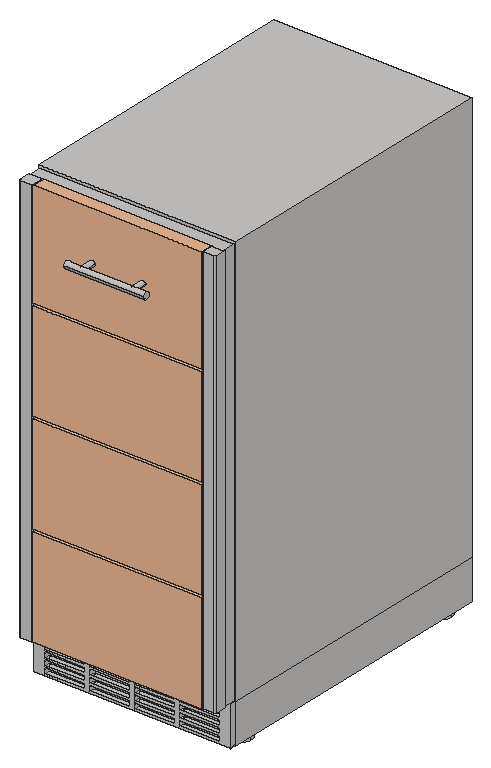
Revit family "Outdoor-Kitchen-Equipment_Kalamazoo_Beverage-Centers_Arcadia", category Specialty Equipment, Revit 2018
Family settings
  Round Connector Dimension = Use Diameter
  Part Type = Normal
  OmniClass Number = 23.40.40.11.24
  OmniClass Title = Cold Cabinets
  Work Plane-Based = No
  Always vertical = Yes
  Cut with Voids When Loaded = No
  Shared = No
  Room Calculation Point = No
Parameters (values of type "K-HP15BO-2KD")
  Ι_Bth_Nt_FT60 [instance] = Width > 15"  # no
  Ι_Bth_FT60 [instance] = Width < 15"  # yes
  Width = 14 7/8"
  Weight (lb) = 200.00 lbf
  Voltage = 120 V
  URL = "https://kalamazoogourmet.com/products/arcadia-15-inch-outdoor-beverage-center/"
  Total Cooling Capacity = 1985.0 Btu/h
  Right Hinge [instance] = not(Left Hinge)  # no
  Product data url = "https://www.bimobject.com/kalamazoogourmet/product/arcadia-beverage-center"
  Product Material = Kalamazoo - Stainless Steel - 304 OR 316L
  Power Factor = 0.8
  Panel Finish [instance] = Kalamazoo - Ipe Wood
  Number of Poles = 3
  Model = "K-HP15BO-2KD"
  Manufacturer = "Kalamazoo Outdoor Gourmet"  # constant formula
  Left Hinge [instance] = yes
  Keynote = "11400"
  Height = 34 3/8"  # constant formula
  Frequency = 60 Hz
  Description = "Arcadia 15-inch Outdoor Beverage Center"
  Depth = 24"  # constant formula
  Current = 2.3 A
  Assembly Code = "E1090300"
  Apparent Load = Voltage * Current / Number of Poles * Power Factor  # 73.6 VA
Types (3): name | Ι_Bth_Nt_FT60 | Ι_Bth_FT60 | Width | Weight (lb) | URL | Model | Description
  (no name) | no | yes | 14 7/8" | 200.00 lbf | "https://kalamazoogourmet.com/products/arcadia-15-inch-outdoor-beverage-center/" | "K-HP15BO-2KD" | "Arcadia 15-inch Outdoor Beverage Center"
  K-HP15BO-2KD | no | yes | 14 7/8" | 200.00 lbf | "https://kalamazoogourmet.com/products/arcadia-15-inch-outdoor-beverage-center/" | "K-HP15BO-2KD" | "Arcadia 15-inch Outdoor Beverage Center"
  K-HP24BO-2KD | yes | no | 23 7/8" | 215.00 lbf | "https://kalamazoogourmet.com/products/arcadia-24-inch-outdoor-beverage-center/" | "K-HP24BO-2KD" | "Arcadia 24-inch Outdoor Beverage Center"
Reference planes (in)
  plane 1: y = 0
  plane 2: z = 0
  plane 3 "Center (Left/Right)": x = 0
  plane 4: z = 3.375
  plane 5: z = 34.375
  plane 6: z = 34.175
  plane 7: z = 0.375
  plane 8: x = -7.4375
  plane 9: x = 7.4375
  plane 10: x = -6.365
  plane 11: x = 6.365
  plane 12: z = 36.93359
  plane 13: y = 2.5938
  plane 14 "Center (Front/Back)": y = 11.0125
  plane 15: z = 36.375
  plane 16: y = -12.9875
Forms (in)
  Extrusion 1, solid, material "Kalamazoo - Stainless Steel - 304 OR 316L"
    sketch origin (0, 0, 0) x (1, 0, 0) y (0, 1, 0)
      loop
        line (-7.4375, 11.0125) -> (-7.4375, -11.1125) -> (7.4375, -11.1125) -> (7.4375, 11.0125) -> (-7.4375, 11.0125)
    from 0.375 to 3.375
  Extrusion 2, solid, material "Kalamazoo - Stainless Steel - 304 OR 316L"
    sketch origin (0, 0, 0) x (1, 0, 0) y (0, 1, 0)
      loop
        circle (-6.5, 9.42009) r 0.72169
      loop
        circle (-6.5, -9.42009) r 0.72169
      loop
        circle (6.5, 9.42009) r 0.72169
      loop
        circle (6.5, -9.42009) r 0.72169
    from 0 to 0.375
  Extrusion 3, solid, material "Kalamazoo - Stainless Steel - 304 OR 316L"
    sketch origin (0, 0, 0) x (1, 0, 0) y (0, 1, 0)
      loop
        line (7.4375, 11.0125) -> (-7.4375, 11.0125) -> (-7.4375, -11.1125) -> (7.4375, -11.1125) -> (7.4375, 11.0125)
    from 3.375 to 34.375
  Extrusion 4, solid, material "Kalamazoo - Stainless Steel - 304 OR 316L"
    sketch origin (0, 0, 0) x (1, 0, 0) y (0, 1, 0)
      loop
        line (-6.365, -12.0775) -> (-7.365, -12.0775) -> (-7.365, -12.8775)
        arc (-7.365, -12.8775) -> (-7.33278, -12.95528) -> (-7.255, -12.9875) r 0.11
        line (-7.255, -12.9875) -> (-6.475, -12.9875)
        arc (-6.475, -12.9875) -> (-6.39722, -12.95528) -> (-6.365, -12.8775) r 0.11
        line (-6.365, -12.8775) -> (-6.365, -12.0775)
      loop
        line (6.365, -12.0775) -> (6.365, -12.8775)
        arc (6.365, -12.8775) -> (6.39722, -12.95528) -> (6.475, -12.9875) r 0.11
        line (6.475, -12.9875) -> (7.255, -12.9875)
        arc (7.255, -12.9875) -> (7.33278, -12.95528) -> (7.365, -12.8775) r 0.11
        line (7.365, -12.8775) -> (7.365, -12.0775) -> (6.365, -12.0775)
    from 3.375 to 34.175
  Extrusion 5, solid, material "Kalamazoo - Ipe Wood" <- "Panel Finish"
    sketch origin (0, 0, 0) x (1, 0, 0) y (0, 0, 1)
      loop
        line (-6.365, 26.2375) -> (6.365, 26.2375) -> (6.365, 34.175) -> (-6.365, 34.175) -> (-6.365, 26.2375)
      loop
        line (-6.365, 18.61667) -> (6.365, 18.61667) -> (6.365, 26.05417) -> (-6.365, 26.05417) -> (-6.365, 18.61667)
      loop
        line (-6.365, 10.99583) -> (6.365, 10.99583) -> (6.365, 18.43333) -> (-6.365, 18.43333) -> (-6.365, 10.99583)
      loop
        line (-6.365, 3.375) -> (6.365, 3.375) -> (6.365, 10.8125) -> (-6.365, 10.8125) -> (-6.365, 3.375)
    from 12.0775 to 12.9875
  Extrusion 6, solid, material "Kalamazoo - Stainless Steel - 304 OR 316L"
    sketch origin (0, 0, 0) x (1, 0, 0) y (0, 1, 0)
      loop
        line (-7.2875, -11.1125) -> (-7.2875, -12.0775) -> (7.2875, -12.0775) -> (7.2875, -11.1125) -> (-7.2875, -11.1125)
    from 3.375 to 34.175
  Extrusion 7, solid, material "Kalamazoo - Stainless Steel - 304 OR 316L", detail levels fine
    sketch origin (0, 0, 0) x (0, 1, 0) y (0, 0, 1)
      loop
        circle (-14.0025, 30.45625) r 0.24
    from -3 to 3
  Extrusion 8, solid, material "Kalamazoo - Stainless Steel - 304 OR 316L", detail levels fine
    sketch origin (0, 0, 0) x (1, 0, 0) y (0, 0, 1)
      loop
        circle (-1.91437, 30.45651) r 0.19943
      loop
        circle (1.91437, 30.45651) r 0.19943
    from 12.9875 to 14.04062
  Sweep 9, solid, material "Kalamazoo - Stainless Steel - 304 OR 316L", visible <- "Ι_Bth_Nt_FT60", detail levels fine
    path origin (-0.03374, 10.6225, 0.12966) x (0, 1, 0) y (0, 0, 1)
      loop
        line (-21.735, 1.8125) -> (-22.145, 1.8125)
    profile origin (-0.03374, -11.3175, 1.94216) x (0, 0, -1) y (1, 0, 0)
      loop
        line (-1.43284, 11.90179) -> (-1.43284, 0.37517) -> (-1.43284, -11.90179) -> (1.52553, -11.90179)
        arc (1.52553, -11.90179) -> (1.55536, -11.88476) -> (1.56716, -11.8525) r 0.05
        line (1.56716, -11.8525) -> (1.56716, 0) -> (1.56716, 11.8525)
        arc (1.56716, 11.8525) -> (1.55536, 11.88476) -> (1.52553, 11.90179) r 0.05
        line (1.52553, 11.90179) -> (-1.43284, 11.90179)
      loop
        line (-1.30263, -8.03166) -> (-1.30263, -10.84308)
        arc (-1.30263, -10.84308) -> (-1.27524, -10.90983) -> (-1.20862, -10.93751) r 0.09401
        line (-1.20862, -10.93751) -> (-0.88239, -10.93751) -> (-0.88239, -7.9376) -> (-1.20846, -7.9376)
        arc (-1.20846, -7.9376) -> (-1.27504, -7.96511) -> (-1.30263, -8.03166) r 0.09406
      loop
        line (-0.76262, -8.03158) -> (-0.76262, -10.84329)
        arc (-0.76262, -10.84329) -> (-0.73516, -10.9099) -> (-0.66861, -10.9375) r 0.09401
        line (-0.66861, -10.9375) -> (-0.3424, -10.9375) -> (-0.3424, -7.93755) -> (-0.66873, -7.93755)
        arc (-0.66873, -7.93755) -> (-0.73513, -7.96514) -> (-0.76262, -8.03158) r 0.09403
      loop
        line (-0.22261, -8.0315) -> (-0.22261, -10.8435)
        arc (-0.22261, -10.8435) -> (-0.19507, -10.90997) -> (-0.12861, -10.9375) r 0.094
        line (-0.12861, -10.9375) -> (0.19761, -10.9375) -> (0.19761, -7.9375) -> (-0.12874, -7.9375)
        arc (-0.12874, -7.9375) -> (-0.19512, -7.96508) -> (-0.22261, -8.0315) r 0.094
      loop
        line (0.31739, -8.0315) -> (0.31739, -10.8435)
        arc (0.31739, -10.8435) -> (0.34493, -10.90997) -> (0.41139, -10.9375) r 0.094
        line (0.41139, -10.9375) -> (0.73761, -10.9375) -> (0.73761, -7.9375) -> (0.41153, -7.9375)
        arc (0.41153, -7.9375) -> (0.34497, -7.96499) -> (0.31739, -8.0315) r 0.094
      loop
        line (0.85738, -8.03162) -> (0.85738, -10.84319)
        arc (0.85738, -10.84319) -> (0.8848, -10.90986) -> (0.95139, -10.93751) r 0.09401
        line (0.95139, -10.93751) -> (1.27761, -10.93751) -> (1.27761, -7.93757) -> (0.95127, -7.93757)
        arc (0.95127, -7.93757) -> (0.88487, -7.96517) -> (0.85738, -8.03162) r 0.09404
      loop
        line (-1.30263, -4.65666) -> (-1.30263, -7.46891)
        arc (-1.30263, -7.46891) -> (-1.27495, -7.53512) -> (-1.20862, -7.56251) r 0.09401
        line (-1.20862, -7.56251) -> (-0.88239, -7.56251) -> (-0.88239, -4.5626) -> (-1.20857, -4.5626)
        arc (-1.20857, -4.5626) -> (-1.27508, -4.59015) -> (-1.30263, -4.65666) r 0.09406
      loop
        line (-0.76262, -4.65658) -> (-0.76262, -7.4687)
        arc (-0.76262, -7.4687) -> (-0.73501, -7.53504) -> (-0.66861, -7.5625) r 0.09401
        line (-0.66861, -7.5625) -> (-0.3424, -7.5625) -> (-0.3424, -4.56255) -> (-0.66865, -4.56255)
        arc (-0.66865, -4.56255) -> (-0.7351, -4.59011) -> (-0.76262, -4.65658) r 0.09403
      loop
        line (-0.22261, -4.6565) -> (-0.22261, -7.4685)
        arc (-0.22261, -7.4685) -> (-0.19507, -7.53497) -> (-0.12861, -7.5625) r 0.094
        line (-0.12861, -7.5625) -> (0.19761, -7.5625) -> (0.19761, -4.5625) -> (-0.12866, -4.5625)
        arc (-0.12866, -4.5625) -> (-0.19509, -4.59005) -> (-0.22261, -4.6565) r 0.094
      loop
        line (0.31739, -4.6565) -> (0.31739, -7.4685)
        arc (0.31739, -7.4685) -> (0.34493, -7.53497) -> (0.41139, -7.5625) r 0.094
        line (0.41139, -7.5625) -> (0.73761, -7.5625) -> (0.73761, -4.5625) -> (0.41144, -4.5625)
        arc (0.41144, -4.5625) -> (0.34494, -4.59001) -> (0.31739, -4.6565) r 0.094
      loop
        line (0.85738, -4.65662) -> (0.85738, -7.4688)
        arc (0.85738, -7.4688) -> (0.88502, -7.53508) -> (0.95139, -7.56251) r 0.09401
        line (0.95139, -7.56251) -> (1.27761, -7.56251) -> (1.27761, -4.56257) -> (0.95136, -4.56257)
        arc (0.95136, -4.56257) -> (0.8849, -4.59014) -> (0.85738, -4.65662) r 0.09404
      loop
        line (-1.30262, -1.28166) -> (-1.30262, -4.09391)
        arc (-1.30262, -4.09391) -> (-1.27493, -4.16012) -> (-1.20859, -4.18752) r 0.09403
        line (-1.20859, -4.18752) -> (-0.88239, -4.18752) -> (-0.88239, -1.18761) -> (-1.20857, -1.18761)
        arc (-1.20857, -1.18761) -> (-1.27507, -1.21515) -> (-1.30262, -1.28166) r 0.09405
      loop
        line (-0.76261, -1.28158) -> (-0.76261, -4.0937)
        arc (-0.76261, -4.0937) -> (-0.73499, -4.16005) -> (-0.66859, -4.18751) r 0.09402
        line (-0.66859, -4.18751) -> (-0.3424, -4.18751) -> (-0.3424, -1.18755) -> (-0.66858, -1.18755)
        arc (-0.66858, -1.18755) -> (-0.73507, -1.21509) -> (-0.76261, -1.28158) r 0.09402
      loop
        line (-0.22259, -1.2815) -> (-0.22259, -4.09349)
        arc (-0.22259, -4.09349) -> (-0.19506, -4.15997) -> (-0.12858, -4.18751) r 0.09401
        line (-0.12858, -4.18751) -> (0.19761, -4.18751) -> (0.19761, -1.1875) -> (-0.1286, -1.1875)
        arc (-0.1286, -1.1875) -> (-0.19506, -1.21503) -> (-0.22259, -1.2815) r 0.09399
      loop
        line (0.31741, -1.2815) -> (0.31741, -4.09349)
        arc (0.31741, -4.09349) -> (0.34494, -4.15997) -> (0.41142, -4.18751) r 0.09401
        line (0.41142, -4.18751) -> (0.73761, -4.18751) -> (0.73761, -1.1875) -> (0.4114, -1.1875)
        arc (0.4114, -1.1875) -> (0.34494, -1.21503) -> (0.31741, -1.2815) r 0.09399
      loop
        line (0.85739, -1.28161) -> (0.85739, -4.0938)
        arc (0.85739, -4.0938) -> (0.88504, -4.16009) -> (0.95141, -4.18751) r 0.09402
        line (0.95141, -4.18751) -> (1.27761, -4.18751) -> (1.27761, -1.18758) -> (0.95142, -1.18758)
        arc (0.95142, -1.18758) -> (0.88493, -1.21512) -> (0.85739, -1.28161) r 0.09404
      loop
        arc (-1.30263, 8.03166) -> (-1.27504, 7.96511) -> (-1.20846, 7.9376) r 0.09406
        line (-1.20846, 7.9376) -> (-0.88239, 7.9376) -> (-0.88239, 10.93751) -> (-1.20862, 10.93751)
        arc (-1.20862, 10.93751) -> (-1.27524, 10.90983) -> (-1.30263, 10.84308) r 0.09401
        line (-1.30263, 10.84308) -> (-1.30263, 8.03166)
      loop
        arc (-0.76262, 8.03158) -> (-0.73513, 7.96514) -> (-0.66873, 7.93755) r 0.09403
        line (-0.66873, 7.93755) -> (-0.3424, 7.93755) -> (-0.3424, 10.9375) -> (-0.66861, 10.9375)
        arc (-0.66861, 10.9375) -> (-0.73516, 10.9099) -> (-0.76262, 10.84329) r 0.09401
        line (-0.76262, 10.84329) -> (-0.76262, 8.03158)
      loop
        arc (-0.22261, 8.0315) -> (-0.19512, 7.96508) -> (-0.12874, 7.9375) r 0.094
        line (-0.12874, 7.9375) -> (0.19761, 7.9375) -> (0.19761, 10.9375) -> (-0.12861, 10.9375)
        arc (-0.12861, 10.9375) -> (-0.19507, 10.90997) -> (-0.22261, 10.8435) r 0.094
        line (-0.22261, 10.8435) -> (-0.22261, 8.0315)
      loop
        arc (0.31739, 8.0315) -> (0.34497, 7.96499) -> (0.41153, 7.9375) r 0.094
        line (0.41153, 7.9375) -> (0.73761, 7.9375) -> (0.73761, 10.9375) -> (0.41139, 10.9375)
        arc (0.41139, 10.9375) -> (0.34493, 10.90997) -> (0.31739, 10.8435) r 0.094
        line (0.31739, 10.8435) -> (0.31739, 8.0315)
      loop
        arc (0.85738, 8.03162) -> (0.88487, 7.96517) -> (0.95127, 7.93757) r 0.09404
        line (0.95127, 7.93757) -> (1.27761, 7.93757) -> (1.27761, 10.93751) -> (0.95139, 10.93751)
        arc (0.95139, 10.93751) -> (0.8848, 10.90986) -> (0.85738, 10.84319) r 0.09401
        line (0.85738, 10.84319) -> (0.85738, 8.03162)
      loop
        arc (-1.30263, 4.65666) -> (-1.27508, 4.59015) -> (-1.20857, 4.5626) r 0.09406
        line (-1.20857, 4.5626) -> (-0.88239, 4.5626) -> (-0.88239, 7.56251) -> (-1.20862, 7.56251)
        arc (-1.20862, 7.56251) -> (-1.27495, 7.53512) -> (-1.30263, 7.46891) r 0.09401
        line (-1.30263, 7.46891) -> (-1.30263, 4.65666)
      loop
        arc (-0.76262, 4.65658) -> (-0.7351, 4.59011) -> (-0.66865, 4.56255) r 0.09403
        line (-0.66865, 4.56255) -> (-0.3424, 4.56255) -> (-0.3424, 7.5625) -> (-0.66861, 7.5625)
        arc (-0.66861, 7.5625) -> (-0.73501, 7.53504) -> (-0.76262, 7.4687) r 0.09401
        line (-0.76262, 7.4687) -> (-0.76262, 4.65658)
      loop
        arc (-0.22261, 4.6565) -> (-0.19509, 4.59005) -> (-0.12866, 4.5625) r 0.094
        line (-0.12866, 4.5625) -> (0.19761, 4.5625) -> (0.19761, 7.5625) -> (-0.12861, 7.5625)
        arc (-0.12861, 7.5625) -> (-0.19507, 7.53497) -> (-0.22261, 7.4685) r 0.094
        line (-0.22261, 7.4685) -> (-0.22261, 4.6565)
      loop
        arc (0.31739, 4.6565) -> (0.34494, 4.59001) -> (0.41144, 4.5625) r 0.094
        line (0.41144, 4.5625) -> (0.73761, 4.5625) -> (0.73761, 7.5625) -> (0.41139, 7.5625)
        arc (0.41139, 7.5625) -> (0.34493, 7.53497) -> (0.31739, 7.4685) r 0.094
        line (0.31739, 7.4685) -> (0.31739, 4.6565)
      loop
        arc (0.85738, 4.65662) -> (0.8849, 4.59014) -> (0.95136, 4.56257) r 0.09404
        line (0.95136, 4.56257) -> (1.27761, 4.56257) -> (1.27761, 7.56251) -> (0.95139, 7.56251)
        arc (0.95139, 7.56251) -> (0.88502, 7.53508) -> (0.85738, 7.4688) r 0.09401
        line (0.85738, 7.4688) -> (0.85738, 4.65662)
      loop
        arc (-1.30262, 1.28166) -> (-1.27507, 1.21515) -> (-1.20857, 1.18761) r 0.09405
        line (-1.20857, 1.18761) -> (-0.88239, 1.18761) -> (-0.88239, 4.18752) -> (-1.20859, 4.18752)
        arc (-1.20859, 4.18752) -> (-1.27493, 4.16012) -> (-1.30262, 4.09391) r 0.09403
        line (-1.30262, 4.09391) -> (-1.30262, 1.28166)
      loop
        arc (-0.76261, 1.28158) -> (-0.73507, 1.21509) -> (-0.66858, 1.18755) r 0.09402
        line (-0.66858, 1.18755) -> (-0.3424, 1.18755) -> (-0.3424, 4.18751) -> (-0.66859, 4.18751)
        arc (-0.66859, 4.18751) -> (-0.73499, 4.16005) -> (-0.76261, 4.0937) r 0.09402
        line (-0.76261, 4.0937) -> (-0.76261, 1.28158)
      loop
        arc (-0.22259, 1.2815) -> (-0.19506, 1.21503) -> (-0.1286, 1.1875) r 0.09399
        line (-0.1286, 1.1875) -> (0.19761, 1.1875) -> (0.19761, 4.18751) -> (-0.12858, 4.18751)
        arc (-0.12858, 4.18751) -> (-0.19506, 4.15997) -> (-0.22259, 4.09349) r 0.09401
        line (-0.22259, 4.09349) -> (-0.22259, 1.2815)
      loop
        arc (0.31741, 1.2815) -> (0.34494, 1.21503) -> (0.4114, 1.1875) r 0.09399
        line (0.4114, 1.1875) -> (0.73761, 1.1875) -> (0.73761, 4.18751) -> (0.41142, 4.18751)
        arc (0.41142, 4.18751) -> (0.34494, 4.15997) -> (0.31741, 4.09349) r 0.09401
        line (0.31741, 4.09349) -> (0.31741, 1.2815)
      loop
        arc (0.85739, 1.28161) -> (0.88493, 1.21512) -> (0.95142, 1.18758) r 0.09404
        line (0.95142, 1.18758) -> (1.27761, 1.18758) -> (1.27761, 4.18751) -> (0.95141, 4.18751)
        arc (0.95141, 4.18751) -> (0.88504, 4.16009) -> (0.85739, 4.0938) r 0.09402
        line (0.85739, 4.0938) -> (0.85739, 1.28161)
  Sweep 10, solid, material "Kalamazoo - Stainless Steel - 304 OR 316L", visible <- "Ι_Bth_FT60", detail levels fine
    path origin (-0.03374, 10.6225, 0.12966) x (0, 1, 0) y (0, 0, 1)
      loop
        line (-21.735, 1.77799) -> (-22.145, 1.77799)
    profile origin (-0.03374, -11.3175, 1.90765) x (0, 0, -1) y (1, 0, 0)
      loop
        line (-1.46735, 7.40179) -> (-1.46735, -0.16486) -> (-1.46735, -7.40179) -> (1.49102, -7.40179)
        arc (1.49102, -7.40179) -> (1.52085, -7.38476) -> (1.53265, -7.3525) r 0.05
        line (1.53265, -7.3525) -> (1.53265, 0) -> (1.53265, 7.3525)
        arc (1.53265, 7.3525) -> (1.52085, 7.38476) -> (1.49102, 7.40179) r 0.05
        line (1.49102, 7.40179) -> (-1.46735, 7.40179)
      loop
        arc (-1.20212, 3.6565) -> (-1.17463, 3.59008) -> (-1.10825, 3.5625) r 0.094
        line (-1.10825, 3.5625) -> (-0.78191, 3.5625) -> (-0.78191, 6.5625) -> (-1.10812, 6.5625)
        arc (-1.10812, 6.5625) -> (-1.17459, 6.53497) -> (-1.20212, 6.4685) r 0.094
        line (-1.20212, 6.4685) -> (-1.20212, 3.6565)
      loop
        arc (-0.66212, 0.2815) -> (-0.63459, 0.21503) -> (-0.56812, 0.1875) r 0.094
        line (-0.56812, 0.1875) -> (-0.24191, 0.1875) -> (-0.24191, 3.1875) -> (-0.56812, 3.1875)
        arc (-0.56812, 3.1875) -> (-0.63459, 3.15997) -> (-0.66212, 3.0935) r 0.094
        line (-0.66212, 3.0935) -> (-0.66212, 0.2815)
      loop
        arc (-0.66212, 3.6565) -> (-0.63463, 3.59008) -> (-0.56825, 3.5625) r 0.094
        line (-0.56825, 3.5625) -> (-0.24191, 3.5625) -> (-0.24191, 6.5625) -> (-0.56812, 6.5625)
        arc (-0.56812, 6.5625) -> (-0.63459, 6.53497) -> (-0.66212, 6.4685) r 0.094
        line (-0.66212, 6.4685) -> (-0.66212, 3.6565)
      loop
        arc (-0.12211, 3.65646) -> (-0.09463, 3.59005) -> (-0.02826, 3.56248) r 0.09399
        line (-0.02826, 3.56248) -> (0.29809, 3.56248) -> (0.29809, 6.5625) -> (-0.02812, 6.5625)
        arc (-0.02812, 6.5625) -> (-0.09455, 6.535) -> (-0.12211, 6.4686) r 0.094
        line (-0.12211, 6.4686) -> (-0.12211, 3.65646)
      loop
        arc (0.41788, 3.6565) -> (0.44546, 3.58998) -> (0.51202, 3.5625) r 0.094
        line (0.51202, 3.5625) -> (0.83809, 3.5625) -> (0.83809, 6.5625) -> (0.51188, 6.5625)
        arc (0.51188, 6.5625) -> (0.44541, 6.53497) -> (0.41788, 6.4685) r 0.094
        line (0.41788, 6.4685) -> (0.41788, 3.6565)
      loop
        arc (0.95788, 3.6565) -> (0.98537, 3.59008) -> (1.05175, 3.5625) r 0.094
        line (1.05175, 3.5625) -> (1.37809, 3.5625) -> (1.37809, 6.5625) -> (1.05188, 6.5625)
        arc (1.05188, 6.5625) -> (0.98541, 6.53497) -> (0.95788, 6.4685) r 0.094
        line (0.95788, 6.4685) -> (0.95788, 3.6565)
      loop
        arc (-0.12211, 0.28146) -> (-0.09458, 0.21501) -> (-0.02813, 0.18748) r 0.09399
        line (-0.02813, 0.18748) -> (0.29809, 0.18748) -> (0.29809, 3.1875) -> (-0.02812, 3.1875)
        arc (-0.02812, 3.1875) -> (-0.09455, 3.16) -> (-0.12211, 3.0936) r 0.094
        line (-0.12211, 3.0936) -> (-0.12211, 0.28146)
      loop
        arc (0.41788, 0.2815) -> (0.44541, 0.21503) -> (0.51188, 0.1875) r 0.094
        line (0.51188, 0.1875) -> (0.83809, 0.1875) -> (0.83809, 3.1875) -> (0.51188, 3.1875)
        arc (0.51188, 3.1875) -> (0.44541, 3.15997) -> (0.41788, 3.0935) r 0.094
        line (0.41788, 3.0935) -> (0.41788, 0.2815)
      loop
        arc (0.95788, 0.2815) -> (0.98541, 0.21503) -> (1.05188, 0.1875) r 0.094
        line (1.05188, 0.1875) -> (1.37809, 0.1875) -> (1.37809, 3.1875) -> (1.05188, 3.1875)
        arc (1.05188, 3.1875) -> (0.98541, 3.15997) -> (0.95788, 3.0935) r 0.094
        line (0.95788, 3.0935) -> (0.95788, 0.2815)
      loop
        line (-1.20212, -3.6565) -> (-1.20212, -6.4685)
        arc (-1.20212, -6.4685) -> (-1.17459, -6.53497) -> (-1.10812, -6.5625) r 0.094
        line (-1.10812, -6.5625) -> (-0.78191, -6.5625) -> (-0.78191, -3.5625) -> (-1.10826, -3.5625)
        arc (-1.10826, -3.5625) -> (-1.17464, -3.59008) -> (-1.20212, -3.6565) r 0.094
      loop
        line (-0.66212, -0.2815) -> (-0.66212, -3.0935)
        arc (-0.66212, -3.0935) -> (-0.63459, -3.15997) -> (-0.56812, -3.1875) r 0.094
        line (-0.56812, -3.1875) -> (-0.24191, -3.1875) -> (-0.24191, -0.1875) -> (-0.56812, -0.1875)
        arc (-0.56812, -0.1875) -> (-0.63459, -0.21503) -> (-0.66212, -0.2815) r 0.094
      loop
        line (-0.66212, -3.6565) -> (-0.66212, -6.4685)
        arc (-0.66212, -6.4685) -> (-0.63459, -6.53497) -> (-0.56812, -6.5625) r 0.094
        line (-0.56812, -6.5625) -> (-0.24191, -6.5625) -> (-0.24191, -3.5625) -> (-0.56826, -3.5625)
        arc (-0.56826, -3.5625) -> (-0.63464, -3.59008) -> (-0.66212, -3.6565) r 0.094
      loop
        line (-0.12211, -3.65646) -> (-0.12211, -6.4686)
        arc (-0.12211, -6.4686) -> (-0.09455, -6.535) -> (-0.02812, -6.5625) r 0.094
        line (-0.02812, -6.5625) -> (0.29809, -6.5625) -> (0.29809, -3.56248) -> (-0.02826, -3.56248)
        arc (-0.02826, -3.56248) -> (-0.09463, -3.59005) -> (-0.12211, -3.65646) r 0.09399
      loop
        line (0.41788, -3.6565) -> (0.41788, -6.4685)
        arc (0.41788, -6.4685) -> (0.44541, -6.53497) -> (0.51188, -6.5625) r 0.094
        line (0.51188, -6.5625) -> (0.83809, -6.5625) -> (0.83809, -3.5625) -> (0.51202, -3.5625)
        arc (0.51202, -3.5625) -> (0.44546, -3.58998) -> (0.41788, -3.6565) r 0.094
      loop
        line (0.95788, -3.6565) -> (0.95788, -6.4685)
        arc (0.95788, -6.4685) -> (0.98541, -6.53497) -> (1.05188, -6.5625) r 0.094
        line (1.05188, -6.5625) -> (1.37809, -6.5625) -> (1.37809, -3.5625) -> (1.05174, -3.5625)
        arc (1.05174, -3.5625) -> (0.98536, -3.59008) -> (0.95788, -3.6565) r 0.094
      loop
        line (-0.12211, -0.28146) -> (-0.12211, -3.0936)
        arc (-0.12211, -3.0936) -> (-0.09455, -3.16) -> (-0.02812, -3.1875) r 0.094
        line (-0.02812, -3.1875) -> (0.29809, -3.1875) -> (0.29809, -0.18748) -> (-0.02813, -0.18748)
        arc (-0.02813, -0.18748) -> (-0.09458, -0.21501) -> (-0.12211, -0.28146) r 0.09399
      loop
        line (0.41788, -0.2815) -> (0.41788, -3.0935)
        arc (0.41788, -3.0935) -> (0.44541, -3.15997) -> (0.51188, -3.1875) r 0.094
        line (0.51188, -3.1875) -> (0.83809, -3.1875) -> (0.83809, -0.1875) -> (0.51188, -0.1875)
        arc (0.51188, -0.1875) -> (0.44541, -0.21503) -> (0.41788, -0.2815) r 0.094
      loop
        line (0.95788, -0.2815) -> (0.95788, -3.0935)
        arc (0.95788, -3.0935) -> (0.98541, -3.15997) -> (1.05188, -3.1875) r 0.094
        line (1.05188, -3.1875) -> (1.37809, -3.1875) -> (1.37809, -0.1875) -> (1.05188, -0.1875)
        arc (1.05188, -0.1875) -> (0.98541, -0.21503) -> (0.95788, -0.2815) r 0.094
  Sweep 11, solid, material "Kalamazoo - Stainless Steel - 304 OR 316L", visible <- "Ι_Bth_Nt_FT60", detail levels coarse+medium
    path origin (-0.03374, 10.6225, 0.12966) x (0, 1, 0) y (0, 0, 1)
      loop
        line (-21.735, 1.8125) -> (-22.145, 1.8125)
    profile origin (-0.03374, -11.3175, 1.94216) x (0, 0, -1) y (1, 0, 0)
      loop
        line (-1.43284, 11.90179) -> (-1.43284, 0.37517) -> (-1.43284, -11.90179) -> (1.52553, -11.90179)
        arc (1.52553, -11.90179) -> (1.55536, -11.88476) -> (1.56716, -11.8525) r 0.05
        line (1.56716, -11.8525) -> (1.56716, 0) -> (1.56716, 11.8525)
        arc (1.56716, 11.8525) -> (1.55536, 11.88476) -> (1.52553, 11.90179) r 0.05
        line (1.52553, 11.90179) -> (-1.43284, 11.90179)
  Sweep 12, solid, material "Kalamazoo - Stainless Steel - 304 OR 316L", visible <- "Ι_Bth_FT60", detail levels coarse+medium
    path origin (-0.03374, 10.6225, 0.12966) x (0, 1, 0) y (0, 0, 1)
      loop
        line (-21.735, 1.77799) -> (-22.145, 1.77799)
    profile origin (-0.03374, -11.3175, 1.90765) x (0, 0, -1) y (1, 0, 0)
      loop
        line (-1.46735, 7.40179) -> (-1.46735, -0.16486) -> (-1.46735, -7.40179) -> (1.49102, -7.40179)
        arc (1.49102, -7.40179) -> (1.52085, -7.38476) -> (1.53265, -7.3525) r 0.05
        line (1.53265, -7.3525) -> (1.53265, 0) -> (1.53265, 7.3525)
        arc (1.53265, 7.3525) -> (1.52085, 7.38476) -> (1.49102, 7.40179) r 0.05
        line (1.49102, 7.40179) -> (-1.46735, 7.40179)
Lines and regions (in)
  Masking region 1
    outline origin (0, 0, 0) x (1, 0, 0) y (0, 1, 0)
      loop
        line (-7.4375, 11.0125) -> (-7.4375, -11.1125) -> (7.4375, -11.1125) -> (7.4375, 11.0125) -> (-7.4375, 11.0125)
  Masking region 2
    outline origin (0, 0, 0) x (1, 0, 0) y (0, 1, 0)
      loop
        line (-7.2875, -11.1125) -> (-7.2875, -12.0775) -> (7.2875, -12.0775) -> (7.2875, -11.1125) -> (-7.2875, -11.1125)
  Masking region 3
    outline origin (0, 0, 0) x (1, 0, 0) y (0, 1, 0)
      loop
        line (-7.365, -12.0775) -> (-7.365, -12.8775)
        arc (-7.365, -12.8775) -> (-7.33278, -12.95528) -> (-7.255, -12.9875) r 0.11
        line (-7.255, -12.9875) -> (-6.475, -12.9875)
        arc (-6.475, -12.9875) -> (-6.39722, -12.95528) -> (-6.365, -12.8775) r 0.11
        line (-6.365, -12.8775) -> (-6.365, -12.0775) -> (-7.365, -12.0775)
      loop
        line (7.365, -12.0775) -> (6.365, -12.0775) -> (6.365, -12.8775)
        arc (6.365, -12.8775) -> (6.39722, -12.95528) -> (6.475, -12.9875) r 0.11
        line (6.475, -12.9875) -> (7.255, -12.9875)
        arc (7.255, -12.9875) -> (7.33278, -12.95528) -> (7.365, -12.8775) r 0.11
        line (7.365, -12.8775) -> (7.365, -12.0775)
  Masking region 4
    outline origin (0, 0, 0) x (1, 0, 0) y (0, 1, 0)
      loop
        line (-6.365, -12.0775) -> (-6.365, -12.9875) -> (6.365, -12.9875) -> (6.365, -12.0775) -> (-6.365, -12.0775)
  Masking region 5, detail levels fine
    outline origin (0, 0, 0) x (1, 0, 0) y (0, 1, 0)
      loop
        line (-3, -13.7625) -> (-3, -14.2425) -> (3, -14.2425) -> (3, -13.7625) -> (2.11381, -13.7625) -> (2.11381, -12.9875) -> (1.71494, -12.9875) -> (1.71494, -13.7625) -> (-1.71494, -13.7625) -> (-1.71494, -12.9875) -> (-2.11381, -12.9875) -> (-2.11381, -13.7625) -> (-3, -13.7625)
Dimensions and locks (in)
  plane 4 to plane 2 = 3 3/8"
  locked: plane 5 to Extrusion 7 sketch curve at 3.91875
  locked: plane 5 to Extrusion 8 sketch curve at 3.91849  (x2)
  plane 5 to plane 2 = 34 3/8"
  plane 5 to plane 6 = 0.2"
  locked: plane 7 to plane 2 at 0.375
  equal spacing: plane 8, plane 3 "Center (Left/Right)", plane 9
  "Width": plane 8 to plane 9
  locked: plane 8 to Extrusion 6 sketch curve at 0.15
  locked: Extrusion 6 sketch curve to plane 9 at 0.15
  plane 8 to Extrusion 4 sketch curve to Extrusion 4 sketch curve = 0.0725" locked, 1" locked
  Extrusion 4 sketch curve to Extrusion 4 sketch curve to plane 9 = 1" locked, 0.0725" locked
  locked: plane 8 to plane 10 at 1.0725
  locked: plane 11 to plane 9 at 1.0725
  locked: plane 8 to Extrusion 2 sketch curve at 0.9375  (x2)
  locked: Extrusion 2 sketch curve to plane 9 at 0.9375  (x2)
  locked: plane 8 to Masking region 2 sketch curve at 0.15
  locked: Masking region 2 sketch curve to plane 9 at 0.15
  plane 8 to Masking region 3 sketch curve to Masking region 3 sketch curve = 0.0725" locked, 1" locked
  Masking region 3 sketch curve to Masking region 3 sketch curve to plane 9 = 1" locked, 0.0725" locked
  locked: plane 1 to plane 13 at 2.5938
  locked: plane 12 to plane 15 at 0.55859
  plane 15 to plane 5 = 2"
  "Height": plane 5 to level
  "Depth": plane 14 "Center (Front/Back)" to plane 16
  aligned and locked: plane 2 to level
  aligned and locked: plane 4 to Extrusion 1
  aligned and locked: Extrusion 3 to plane 4
  aligned and locked: plane 5 to Extrusion 3
  aligned and locked: plane 7 to Extrusion 1
  aligned and locked: Extrusion 6 to plane 4
  aligned and locked: Extrusion 4 to plane 4
  aligned and locked: plane 6 to Extrusion 6
  aligned and locked: plane 6 to Extrusion 4
  aligned and locked: Extrusion 3 to plane 5
  aligned and locked: Extrusion 5 to plane 10  (x4)
  aligned and locked: plane 11 to Extrusion 5  (x4)
  aligned and locked: Extrusion 3 sketch curve to plane 8
  aligned and locked: plane 9 to Extrusion 3 sketch curve
  aligned and locked: plane 8 to Extrusion 1 sketch curve
  aligned and locked: Extrusion 1 sketch curve to plane 9
  aligned and locked: plane 8 to Masking region 1 sketch curve
  aligned and locked: Masking region 1 sketch curve to plane 9
  aligned and locked: plane 10 to Masking region 4 sketch curve
  aligned and locked: Masking region 4 sketch curve to plane 11
Automatic sketch dimensions
  Extrusion 1 sketch curve to plane 14 "Center (Front/Back)" = 0"
  plane 16 to Extrusion 1 sketch curve = 1 7/8"
  plane 16 to Extrusion 2 sketch curve = 3.56741"  (x2)
  Extrusion 2 sketch curve to plane 14 "Center (Front/Back)" = 1.59241"  (x2)
  Extrusion 3 sketch curve to plane 14 "Center (Front/Back)" = 0"
  plane 16 to Extrusion 3 sketch curve = 1 7/8"
  Extrusion 4 sketch curve to plane 16 = 0"  (x2)
  plane 16 to Extrusion 4 sketch curve = 0.11"
  Extrusion 4 sketch curve to plane 10 = 0.11"
  plane 11 to Extrusion 4 sketch curve = 0.11"
  Extrusion 4 sketch curve to Extrusion 4 sketch curve = 0.11"
  Extrusion 4 sketch curve to Extrusion 4 sketch curve = 0.8"  (x2)
  Extrusion 5 sketch curve to plane 10 = 0"  (x4)
  Extrusion 5 sketch curve to plane 11 = 0"  (x4)
  Extrusion 5 sketch curve to plane 6 = 0"
  Extrusion 5 sketch curve to plane 4 = 0"
  Extrusion 5 sketch curve to Extrusion 5 sketch curve = 7 7/16"  (x3)
  Extrusion 5 sketch curve to Extrusion 5 sketch curve = 0.18333"  (x3)
  plane 16 to Extrusion 6 sketch curve = 0.91"
  Extrusion 6 sketch curve to Extrusion 6 sketch curve = 0.965"
  Extrusion 7 sketch curve to plane 16 = 1.015"
  Extrusion 8 sketch curve to plane 3 "Center (Left/Right)" = 1.91437"
  plane 3 "Center (Left/Right)" to Extrusion 8 sketch curve = 1.91437"
  Masking region 1 sketch curve to plane 14 "Center (Front/Back)" = 0"
  plane 16 to Masking region 1 sketch curve = 1 7/8"
  plane 16 to Masking region 2 sketch curve = 0.91"
  Masking region 2 sketch curve to Masking region 2 sketch curve = 0.965"
  Masking region 3 sketch curve to plane 16 = 0"  (x2)
  Masking region 3 sketch curve to Masking region 3 sketch curve = 0.11"  (x2)
  Masking region 3 sketch curve to plane 10 = 0.11"
  plane 11 to Masking region 3 sketch curve = 0.11"
  Masking region 3 sketch curve to Masking region 3 sketch curve = 0.8"  (x2)
  Masking region 4 sketch curve to plane 16 = 0"
  plane 16 to Masking region 4 sketch curve = 0.91"
  Masking region 5 sketch curve to plane 16 = 0.775"
  Masking region 5 sketch curve to plane 3 "Center (Left/Right)" = 3"
  Masking region 5 sketch curve to plane 16 = 0"  (x2)
  Masking region 5 sketch curve to Masking region 5 sketch curve = 0.88619"  (x2)
  Masking region 5 sketch curve to Masking region 5 sketch curve = 0.39887"  (x2)
  plane 3 "Center (Left/Right)" to Masking region 5 sketch curve = 1.71494"
  Masking region 5 sketch curve to Masking region 5 sketch curve = 0.775"
  Masking region 5 sketch curve to Masking region 5 sketch curve = 0"
  Masking region 5 sketch curve to Masking region 5 sketch curve = 0.48"
  plane 16 to Sweep 9 sketch curve = 1.465"
  Sweep 9 sketch curve to plane 4 = 1.43284"
  Sweep 9 sketch curve to Sweep 9 sketch curve = 0.41"
  Sweep 9 sketch curve to profile plane = 0"
  profile plane to Sweep 9 sketch curve = 1.43284"
  Sweep 9 sketch curve to Sweep 9 sketch curve = 0.13021"  (x2)
  Sweep 9 sketch curve to Sweep 9 sketch curve = 0"  (x18)
  profile plane to Sweep 9 sketch curve = 1.30263"
  Sweep 9 sketch curve to Sweep 9 sketch curve = 0.13022"
  Sweep 9 sketch curve to Sweep 9 sketch curve = 0.09401"  (x16)
  Sweep 9 sketch curve to Sweep 9 sketch curve = 0.09403"  (x5)
  Sweep 9 sketch curve to Sweep 9 sketch curve = 0.09406"  (x4)
  Sweep 9 sketch curve to Sweep 9 sketch curve = 0.09405"  (x2)
  Sweep 9 sketch curve to Sweep 9 sketch curve = 0.00012"  (x2)
  Sweep 9 sketch curve to Sweep 9 sketch curve = 0.32617"  (x2)
  Sweep 9 sketch curve to Sweep 9 sketch curve = 0.32606"
  Sweep 9 sketch curve to Sweep 9 sketch curve = 0.32618"  (x3)
  Sweep 9 sketch curve to Sweep 9 sketch curve = 0.32622"  (x6)
  Sweep 9 sketch curve to Sweep 9 sketch curve = 0.11978"  (x6)
  Sweep 9 sketch curve to Sweep 9 sketch curve = 0.11979"  (x10)
  Sweep 9 sketch curve to Sweep 9 sketch curve = 0.09389"  (x2)
  Sweep 9 sketch curve to Sweep 9 sketch curve = 0.09397"  (x4)
  Sweep 9 sketch curve to Sweep 9 sketch curve = 0.00006"
  Sweep 9 sketch curve to Sweep 9 sketch curve = 0.09402"  (x6)
  Sweep 9 sketch curve to Sweep 9 sketch curve = 0.32625"  (x2)
  Sweep 9 sketch curve to Sweep 9 sketch curve = 0.32619"  (x3)
  Sweep 9 sketch curve to Sweep 9 sketch curve = 0.1198"  (x4)
  profile plane to Sweep 9 sketch curve = 0.12874"  (x2)
  profile plane to Sweep 9 sketch curve = 0.12866"  (x2)
  Sweep 9 sketch curve to Sweep 9 sketch curve = 0.094"  (x17)
  profile plane to Sweep 9 sketch curve = 0.12861"  (x3)
  Sweep 9 sketch curve to Sweep 9 sketch curve = 0.09399"  (x5)
  profile plane to Sweep 9 sketch curve = 0.1286"
  Sweep 9 sketch curve to profile plane = 0.19761"  (x6)
  Sweep 9 sketch curve to Sweep 9 sketch curve = 0.00005"  (x2)
  Sweep 9 sketch curve to Sweep 9 sketch curve = 0.00013"  (x2)
  Sweep 9 sketch curve to Sweep 9 sketch curve = 0.32621"  (x5)
  Sweep 9 sketch curve to Sweep 9 sketch curve = 0.11977"  (x4)
  Sweep 9 sketch curve to Sweep 9 sketch curve = 0.0939"  (x2)
  Sweep 9 sketch curve to Sweep 9 sketch curve = 0.09398"  (x2)
  Sweep 9 sketch curve to Sweep 9 sketch curve = 0.00014"  (x2)
  Sweep 9 sketch curve to Sweep 9 sketch curve = 0.09404"  (x4)
  Sweep 9 sketch curve to Sweep 9 sketch curve = 0.32633"  (x2)
  Sweep 9 sketch curve to Sweep 9 sketch curve = 0.23955"  (x2)
  Sweep 9 sketch curve to Sweep 9 sketch curve = 0.00838"  (x2)
  Sweep 9 sketch curve to Sweep 9 sketch curve = 0.05"
  Sweep 9 sketch curve to profile plane = 1 3/16"
  Sweep 9 sketch curve to Sweep 9 sketch curve = 0.09394"  (x2)
  Sweep 9 sketch curve to Sweep 9 sketch curve = 0.00007"  (x4)
  Sweep 9 sketch curve to Sweep 9 sketch curve = 2.81183"  (x2)
  Sweep 9 sketch curve to Sweep 9 sketch curve = 0.00021"  (x6)
  Sweep 9 sketch curve to Sweep 9 sketch curve = 0.00031"  (x6)
  Sweep 9 sketch curve to Sweep 9 sketch curve = 0.00042"  (x4)
  Sweep 9 sketch curve to Sweep 9 sketch curve = 3/8"  (x6)
  Sweep 9 sketch curve to Sweep 9 sketch curve = 0.09395"  (x3)
  Sweep 9 sketch curve to Sweep 9 sketch curve = 0.37509"  (x4)
  Sweep 9 sketch curve to Sweep 9 sketch curve = 2.81184"  (x2)
  Sweep 9 sketch curve to Sweep 9 sketch curve = 2.81143"  (x2)
  Sweep 9 sketch curve to Sweep 9 sketch curve = 0.00011"  (x2)
  Sweep 9 sketch curve to Sweep 9 sketch curve = 0.00041"  (x2)
  Sweep 9 sketch curve to Sweep 9 sketch curve = 0.0003"  (x2)
  Sweep 9 sketch curve to Sweep 9 sketch curve = 0.0002"  (x2)
  Sweep 9 sketch curve to Sweep 9 sketch curve = 0.91499"  (x2)
  profile plane to Sweep 9 sketch curve = 0.37517"
  profile plane to Sweep 9 sketch curve = 1 3/16"
  Sweep 9 sketch curve to Sweep 9 sketch curve = 0.37504"
  Sweep 9 sketch curve to Sweep 9 sketch curve = 0.37506"
  Sweep 9 sketch curve to Sweep 9 sketch curve = 0.37507"
  plane 16 to Sweep 10 sketch curve = 1.465"
  Sweep 10 sketch curve to plane 4 = 1.46735"
  Sweep 10 sketch curve to Sweep 10 sketch curve = 0.41"
  Sweep 10 sketch curve to profile plane = 0"
  profile plane to Sweep 10 sketch curve = 1.46735"
  profile plane to Sweep 10 sketch curve = 1.20212"
  Sweep 10 sketch curve to Sweep 10 sketch curve = 0.26524"
  Sweep 10 sketch curve to Sweep 10 sketch curve = 0.09386"  (x3)
  Sweep 10 sketch curve to Sweep 10 sketch curve = 0.09387"  (x3)
  Sweep 10 sketch curve to Sweep 10 sketch curve = 0.00014"  (x5)
  Sweep 10 sketch curve to Sweep 10 sketch curve = 0.00013"  (x2)
  Sweep 10 sketch curve to Sweep 10 sketch curve = 0.094"  (x36)
  Sweep 10 sketch curve to Sweep 10 sketch curve = 0.32635"  (x2)
  Sweep 10 sketch curve to Sweep 10 sketch curve = 0.11979"  (x12)
  profile plane to Sweep 10 sketch curve = 0.24191"  (x4)
  profile plane to Sweep 10 sketch curve = 0.12211"  (x4)
  profile plane to Sweep 10 sketch curve = 0.02826"  (x2)
  profile plane to Sweep 10 sketch curve = 0.02813"  (x4)
  profile plane to Sweep 10 sketch curve = 0.02812"  (x4)
  Sweep 10 sketch curve to profile plane = 0.29809"  (x4)
  Sweep 10 sketch curve to Sweep 10 sketch curve = 0.32621"  (x7)
  Sweep 10 sketch curve to Sweep 10 sketch curve = 0.32608"
  Sweep 10 sketch curve to Sweep 10 sketch curve = 0.10455"  (x2)
  Sweep 10 sketch curve to Sweep 10 sketch curve = 0.00838"  (x2)
  Sweep 10 sketch curve to Sweep 10 sketch curve = 0.05"
  Sweep 10 sketch curve to profile plane = 0.16486"
  Sweep 10 sketch curve to profile plane = 0.18748"
  Sweep 10 sketch curve to profile plane = 3/16"
  Sweep 10 sketch curve to Sweep 10 sketch curve = 0.09396"  (x3)
  Sweep 10 sketch curve to Sweep 10 sketch curve = 2.812"  (x4)
  Sweep 10 sketch curve to Sweep 10 sketch curve = 0"  (x5)
  Sweep 10 sketch curve to Sweep 10 sketch curve = 0.00009"  (x4)
  Sweep 10 sketch curve to Sweep 10 sketch curve = 0.37498"  (x2)
  Sweep 10 sketch curve to Sweep 10 sketch curve = 0.00002"  (x2)
  Sweep 10 sketch curve to Sweep 10 sketch curve = 3/8"  (x3)
  Sweep 10 sketch curve to Sweep 10 sketch curve = 0.79"  (x2)
  profile plane to Sweep 10 sketch curve = 0.18748"
  profile plane to Sweep 10 sketch curve = 3/16"
  plane 16 to Sweep 11 sketch curve = 1.465"
  Sweep 11 sketch curve to plane 4 = 1.43284"
  Sweep 11 sketch curve to Sweep 11 sketch curve = 0.41"
  Sweep 11 sketch curve to profile plane = 0"
  profile plane to Sweep 11 sketch curve = 1.43284"
  Sweep 11 sketch curve to profile plane = 1.51716"  (x2)
  Sweep 11 sketch curve to Sweep 11 sketch curve = 0.00838"  (x2)
  Sweep 11 sketch curve to Sweep 11 sketch curve = 0.05"
  Sweep 11 sketch curve to profile plane = 11.8525"
  profile plane to Sweep 11 sketch curve = 0.37517"
  profile plane to Sweep 11 sketch curve = 11.8525"
  plane 16 to Sweep 12 sketch curve = 1.465"
  Sweep 12 sketch curve to plane 4 = 1.46735"
  Sweep 12 sketch curve to Sweep 12 sketch curve = 0.41"
  Sweep 12 sketch curve to profile plane = 0"
  profile plane to Sweep 12 sketch curve = 1.46735"
  Sweep 12 sketch curve to profile plane = 1.48265"  (x2)
  Sweep 12 sketch curve to Sweep 12 sketch curve = 0.00838"  (x2)
  Sweep 12 sketch curve to profile plane = 1.53265"
  Sweep 12 sketch curve to profile plane = 0.16486"
  Sweep 12 sketch curve to profile plane = 7.3525"
  profile plane to Sweep 12 sketch curve = 7.3525"
  radius of Extrusion 2 sketch curve = 0.72169"  (x4)
  radius of Extrusion 7 sketch curve = 0.24"
  radius of Extrusion 8 sketch curve = 0.19943"  (x2)
Connectors (in)
  electrical at (0, 11.0125, 18.875), driven by "Power Factor", driven by "Voltage", driven by "Apparent Load", driven by "Apparent Load", driven by "Apparent Load", driven by "Number of Poles"
    settings: on Extrusion 3, index 1, voltage 120 V, apparent load 0 VA, apparent load phase1 73.6 VA, apparent load phase2 73.6 VA, apparent load phase3 73.6 VA, power factor 0.8, load classification "Other", number of poles 3, system type 31, power factor state 1, is connector primary yes, connector utility no, sub classification motor no, connector description "Power Connector"
